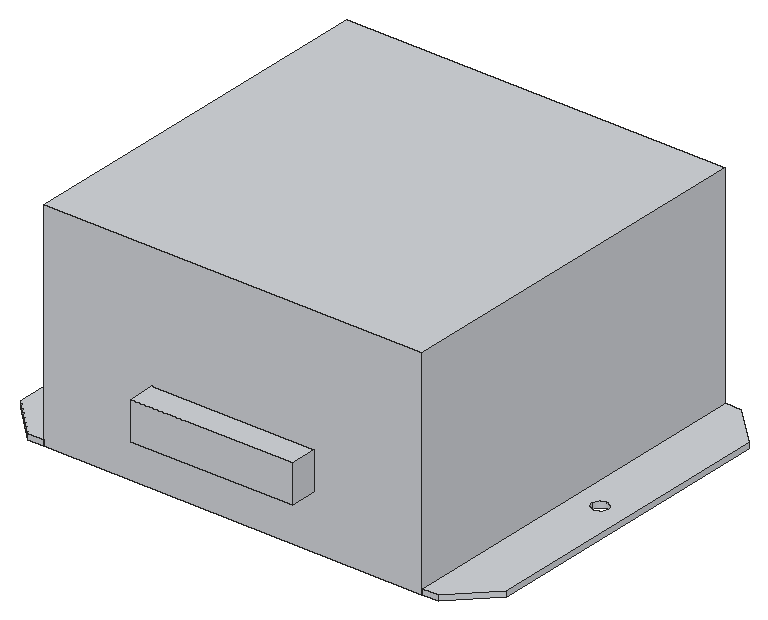
Revit family "Atlas_Sound_M2000-SM_Non-Hosted", category Communication Devices, Revit 2026
Family settings
  Round Connector Dimension = Use Diameter
  Part Type = Normal
  Work Plane-Based = No
  Always vertical = Yes
  Cut with Voids When Loaded = No
  Maintain Annotation Orientation = No
  Shared = No
  Room Calculation Point = No
Parameters
  Warranty Duration (Years) = 0
  URL = "https://www.atlasied.com/m2000-sm"
  Specification = ""
  SpecWizard = ""
  Send Message = ""
  Sales Information = ""
  Revision = ""
  Product Properties = ""
  Product Data = "https://www.atlasied.com/f/2208/ATS003058_M2000-SM_Data.pdf"
  OmniClass Title = ""
  OmniClass Number = ""
  MasterFormat04 Keynote = ""
  Manufacturer's Notes = ""
  Manufacturer Website = "https://www.atlasied.com/"
  Manufacturer Phone - Toll Free = "800-876-3333"
  Manufacturer Phone = "602-438-4545"
  Manufacturer Fax = "602-438-8692"
  Manufacturer Email = ""
  Manufacturer Address = "4545 E. Baseline Rd. Phoenix, AZ 85040"
  Manufacturer = "Atlas Sound"
  Maintenance Schedule (Months) = 0
  Installation-Fabrication = "https://www.atlasied.com/f/2208/ATS003058_M2000-SM_Data.pdf"
  Installation Phase = ""
  Green Building-LEED = ""
  Expected Lifespan (Years) = 0
  Drawn By = "Matt Wunch"
  Description = "Surface mounted sound masking transducer"
  Default Elevation = 0.00"
  DIM = 3.50"
  Copyright = "Arcat, Inc. ©2018"
  Construction Details = ""
  Company_ID = 0
  Category = ""
  Building Codes = ""
Reference planes (in)
  plane 1 "Center (Front/Back)": y = 0
  plane 2: z = 0
  plane 3 "Center (Left/Right)": x = 0
  plane 4: x = -1.75
  plane 5: y = 1.75
  plane 6: y = -1.75
  plane 7: x = 1.75
Forms (in)
  Extrusion 1, solid
    sketch origin (0, 0, 0) x (1, 0, 0) y (0, 1, 0)
      loop
        line (-1.75, 1.75) -> (-1.75, -1.75) -> (1.75, -1.75) -> (1.75, 1.75) -> (-1.75, 1.75)
    from 0 to 2
  Extrusion 2, solid
    sketch origin (0, 0, 0) x (1, 0, 0) y (0, 1, 0)
      loop
        line (-1.75, 1.75) -> (-1.9, 1.75) -> (-2.25, 1.4) -> (-2.25, -1.4) -> (-1.9, -1.75) -> (-1.75, -1.75) -> (-1.75, 1.75)
      loop
        line (1.75, 1.75) -> (1.75, -1.75) -> (1.9, -1.75) -> (2.25, -1.4) -> (2.25, 1.4) -> (1.9, 1.75) -> (1.75, 1.75)
    from 0 to 0.05
  Extrusion 3, void
    sketch origin (0, 0, 0) x (1, 0, 0) y (0, 1, 0)
      loop
        circle (-2, 0) r 0.075
      loop
        circle (2, 0) r 0.075
    from -0.05 to 0.1
  Extrusion 4, solid
    sketch origin (0, 0, 0) x (1, 0, 0) y (0, 0, 1)
      loop
        line (-0.75, 0.85) -> (-0.75, 0.5) -> (0.75, 0.5) -> (0.75, 0.85) -> (-0.75, 0.85)
    from 1.75 to 2
Cuts and joins
  Extrusion 3 cuts Extrusion 2
Dimensions and locks (in)
  equal spacing: plane 4, plane 3 "Center (Left/Right)", plane 7
  "DIM": plane 4 to plane 7
  equal spacing: plane 5, plane 1 "Center (Front/Back)", plane 6
  "DIM": plane 5 to plane 6
  aligned and locked: plane 2 to level
Automatic sketch dimensions
  Extrusion 1 sketch curve to plane 4 = 0.00"
  Extrusion 1 sketch curve to plane 7 = 0.00"
  Extrusion 1 sketch curve to plane 6 = 0.00"
  Extrusion 1 sketch curve to plane 5 = 0.00"
  plane 6 to Extrusion 2 sketch curve = 0.00"  (x2)
  Extrusion 2 sketch curve to plane 5 = 0.00"  (x2)
  Extrusion 2 sketch curve to plane 4 = 0.00"
  Extrusion 2 sketch curve to plane 7 = 0.00"
  Extrusion 2 sketch curve to Extrusion 2 sketch curve = 0.15"  (x3)
  plane 4 to Extrusion 2 sketch curve = 0.15"
  Extrusion 2 sketch curve to Extrusion 2 sketch curve = 0.35"  (x2)
  Extrusion 2 sketch curve to plane 6 = 0.35"  (x2)
  Extrusion 2 sketch curve to plane 5 = 0.35"  (x2)
  plane 1 "Center (Front/Back)" to Extrusion 3 sketch curve = 0.00"  (x2)
  plane 4 to Extrusion 3 sketch curve = 0.25"
  plane 7 to Extrusion 3 sketch curve = 0.25"
  Extrusion 4 sketch curve to plane 4 = 1.00"
  Extrusion 4 sketch curve to plane 7 = 1.00"
  level to Extrusion 4 sketch curve = 0.50"
  Extrusion 4 sketch curve to Extrusion 4 sketch curve = 0.35"
  radius of Extrusion 3 sketch curve = 0.075"  (x2)
Connectors (in)
  electrical at (0, 0, 0)
    settings: on Extrusion 1, index 1, voltage 0 V, apparent load 0 VA, apparent load phase1 0 VA, apparent load phase2 0 VA, apparent load phase3 0 VA, power factor 1, load classification "Other", number of poles 1, system type 14, power factor state 1, is connector primary yes, connector utility no, sub classification motor no, connector description ""
